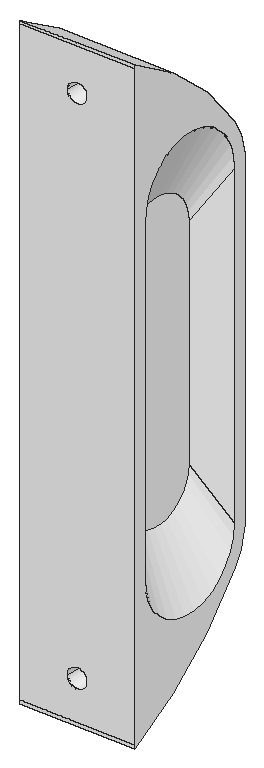
Revit family "KingswayGroup_PllHndls_ClassicGripAnti-LigaturePullHandleBoltFixed", category Specialty Equipment, Revit 2020
Family settings
  Round Connector Dimension = Use Diameter
  Part Type = Normal
  Work Plane-Based = No
  Always vertical = Yes
  Cut with Voids When Loaded = No
  Shared = No
  Room Calculation Point = No
Parameters
  WarrantyStartDate [instance] = "1900-12-31T23:59:59"
  WarrantyGuarantorParts = "sales@kingswaygroup.co.uk"
  WarrantyGuarantorLabor = "n/a"
  WarrantyDurationUnit = "year"  # constant formula
  WarrantyDurationParts = "5"  # constant formula
  WarrantyDurationLabor = "n/a"
  WarrantyDescription = "5-Year Guarantee *For faulty manufacture and not for damage"  # constant formula
  Version = "1"
  Uniclass2015Version = "Products v1.36"
  Uniclass2015Title = "Pull handles"
  Uniclass2015Code = "Pr_30_36_59_64"
  URL = "https://kingswaygroupglobal.com/"
  TagNumber [instance] = "n/a"
  SustainabilityPerformance = "n/a"
  Size = "37.5 x 199.7 x 44.8 mm"
  Shape = "n/a"
  SerialNumber [instance] = "n/a"
  Revision = "n/a"
  ReplacementCost = "n/a"
  ProductInformation = "https://kingswaygroupglobal.com/product/anti-ligature-classic-grip-pull-handle-bolt-fixed?noredirect=true"
  NominalWidth = 44.80 mm  # constant formula
  NominalLength = 37.50 mm  # constant formula
  NominalHeight = 199.70 mm  # constant formula
  Name = "PullHandles_ClassicGripAnti-LigaturePullHandleBoltFixed_KG61_KingswayGroup"
  ModelReference = "Classic Grip Anti-Ligature PullHandle (Bolt Fixed)"
  ModelNumber = "KG61"
  Model = ModelNumber  # "KG61"
  Material = "For full range of available material, contact Kingsway Group"
  ManufacturerURL = "https://kingswaygroupglobal.com/"
  ManufacturerName = "Kingsway Group"  # constant formula
  Manufacturer = ManufacturerName  # "Kingsway Group"
  InstallationDate [instance] = "1900-12-31T23:59:59"
  IfcExportType = "USERDEFINED"  # constant formula
  IfcExportAs = "IfcDiscreteAccessoryType"  # constant formula
  Grade = "n/a"
  Finish = "For full range of available finishes and colours, contact Kingsway Group"
  Features = "The Classic Grip handle is shaped to resist ligature attachment and designed for good grip and improved infection control. The KG61 is a bolt fixed anti-ligature handle that is either used with a KG60 (back plate version) on the other side of the door, or on cupboard or riser doors."
  ExpectedLife = "n/a"
  DurationUnit = "year"
  HandleMaterial [instance] = NBS_Concept
  Description = "Classic Grip Pull Handle Bolt Fixed"
  Default Elevation = 0.00 mm
  Constituents = "n/a"
  Color = "For full range of available finishes and colours, contact Kingsway Group"
  CodePerformance = "n/a"
  Category = "Pr_30_36_59_64:Pull handles"
  BarCode [instance] = "n/a"
  BIMObjectName = "KingswayGroup_PullHandles_ClassicGripAnti-LigaturePullHandleBoltFixed"
  Author = "Kingsway Group"  # constant formula
  AssetType = "Fixed"
  AssetIdentifier [instance] = "n/a"
  AccessibilityPerformance = "n/a"
Reference planes
  plane 1 "Center (Front/Back)": y = 0
  plane 2: z = 0
  plane 3 "Center (Left/Right)": x = 0
Forms (mm)
  Extrusion 1, solid, material "NBS_Concept" <- "HandleMaterial"
    sketch origin (-28.25, 4192.823, -1296.314) x (0, 1, 0) y (0, 0, 1)
      loop
        arc (-4151.662, 1462.303) -> (-4169.915, 1482.475) -> (-4192.823, 1497.148) r 102.72
        line (-4192.823, 1497.148) -> (-4192.823, 1496.012) -> (-4192.823, 1297.448) -> (-4192.823, 1296.312)
        arc (-4192.823, 1296.312) -> (-4169.9, 1311.008) -> (-4151.662, 1331.228) r 102.367
        line (-4151.662, 1331.228) -> (-4150.739, 1332.647) -> (-4149.959, 1334.137) -> (-4149.32, 1335.699) -> (-4148.752, 1337.26) -> (-4148.327, 1338.892) -> (-4147.972, 1340.595) -> (-4147.759, 1342.228) -> (-4147.759, 1343.931) -> (-4147.759, 1449.529) -> (-4147.759, 1451.232) -> (-4147.972, 1452.935) -> (-4148.327, 1454.568) -> (-4148.752, 1456.2) -> (-4149.32, 1457.832) -> (-4149.959, 1459.322) -> (-4150.739, 1460.813) -> (-4151.662, 1462.303)
    from 9.5 to 47
  Blend 2, void
    base sketch origin (-18.75, 4230.598, -1244.501) x (0, 1, 0) y (0, 0, 1)
      loop
        arc (-4189.42, 1396.998) -> (-4207.943, 1415.521) -> (-4226.466, 1396.998) r 18.523
        line (-4226.466, 1396.998) -> (-4226.466, 1292.42)
        arc (-4226.466, 1292.42) -> (-4207.943, 1273.897) -> (-4189.42, 1292.42) r 18.523
        line (-4189.42, 1292.42) -> (-4189.42, 1396.998)
    top sketch origin (-18.75, 4230.598, -1244.501) x (0, 1, 0) y (0, 0, 1)
      loop
        line (-4195.275, 1308.904) -> (-4195.275, 1380.47)
        arc (-4195.275, 1380.47) -> (-4208.037, 1393.232) -> (-4220.8, 1380.47) r 12.762
        line (-4220.8, 1380.47) -> (-4220.8, 1308.904)
        arc (-4220.8, 1308.904) -> (-4208.037, 1296.141) -> (-4195.275, 1308.904) r 12.762
    from 0 to 10
  Blend 3, void
    base sketch origin (-9.25, 4227.598, -1247.269) x (0, 1, 0) y (0, 0, -1)
      loop
        line (-4186.42, -1399.767) -> (-4186.42, -1295.188)
        arc (-4186.42, -1295.188) -> (-4204.943, -1276.665) -> (-4223.466, -1295.188) r 18.523
        line (-4223.466, -1295.188) -> (-4223.466, -1399.767)
        arc (-4223.466, -1399.767) -> (-4204.943, -1418.29) -> (-4186.42, -1399.767) r 18.523
    top sketch origin (-9.25, 4227.598, -1247.269) x (0, 1, 0) y (0, 0, -1)
      loop
        arc (-4192.275, -1311.672) -> (-4205.037, -1298.91) -> (-4217.8, -1311.672) r 12.762
        line (-4217.8, -1311.672) -> (-4217.8, -1383.238)
        arc (-4217.8, -1383.238) -> (-4205.037, -1396.001) -> (-4192.275, -1383.238) r 12.762
        line (-4192.275, -1383.238) -> (-4192.275, -1311.672)
    from -28 to -17.489
  Extrusion 4, void
    sketch origin (0, 80, 0) x (0, 0, -1) y (-1, 0, 0)
      loop
        circle (-13.998, 0) r 3.255
      loop
        circle (-185.998, 0) r 3.255
    from -80 to -70.202
Cuts and joins
  Blend 2, Blend 3, Extrusion 4 cuts Extrusion 1
Dimensions and locks
  aligned and locked: level to plane 2
